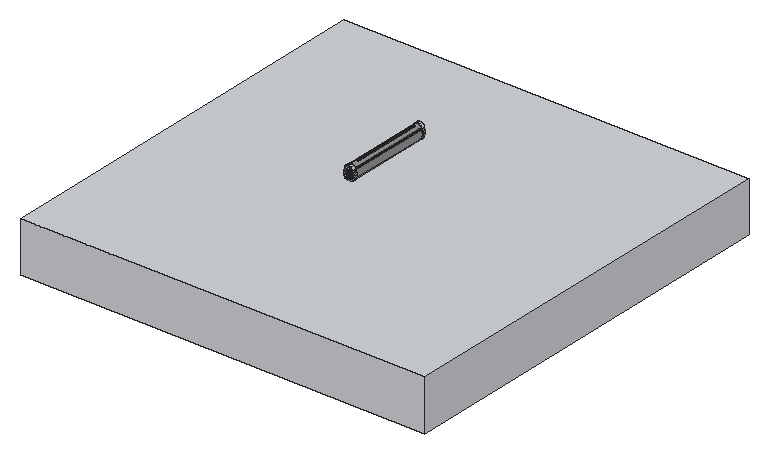
Revit family "L-trade II_body", category Обобщенные модели, Revit 2017
Family settings
  Основа = Грань
  Может служить основой для арматурных стержней = Нет
  Размер круглого соединителя = Использовать диаметр
  Тип детали = Нормальный
  При загрузке вырезать с полостями = Нет
  Общий = Нет
  Точка расчета площади = Нет
Parameters
  Тип торцевой крышки = Trade II Easy Lock : Trade II Easy Lock
  Расстояние от светильника до плоскости = Расстояние от низа светильника до плоскости + 80 mm  # 300 mm
  Расстояние от низа светильника до плоскости = 220 mm
  Default Elevation = 1219.2 mm
  Начало выдавливания = Длина профиля / 2 * (-1)  # -250 mm
  Конец выдавливания = Длина профиля / 2  # 250 mm
  Длина профиля = 500 mm
Reference planes
  plane 1 "По центру (Вперед/Назад)": y = 0
  plane 2: z = 0
  plane 3 "По центру (Влево/Вправо)": x = 0
  plane 4 "Плоскость расположения светильника": z = 220
Forms (mm)
  Extrusion 1, solid
    sketch origin (0, 0, 0) x (1, 0, 0) y (0, 1, 0)
      loop
        line (-1219.2, 1219.2) -> (-1219.2, -1219.2) -> (1219.2, -1219.2) -> (1219.2, 1219.2) -> (-1219.2, 1219.2)
    from 0 to -304.8
  Extrusion 2, solid
    sketch origin (0, 0, 220) x (0, -1, 0) y (1, 0, 0)
      loop
        line (-250, 2.572) -> (250, 2.572) -> (250, 4.625) -> (-250, 4.625) -> (-250, 2.572)
      loop
        line (-250, -2.572) -> (-250, -4.625) -> (250, -4.625) -> (250, -2.572) -> (-250, -2.572)
    from 0 to 1
  Extrusion 3, solid, material "Алюминий"
    sketch origin (2.572, 250, 220) x (1, 0, 0) y (0, 0, -1)
      loop
        line (0, 0) -> (0, -1) -> (2.053, -1) -> (2.053, -5.456) -> (-7.22, -5.456) -> (-7.22, -1) -> (-5.167, -1) -> (-5.167, 0) -> (-24.178, 0)
        arc (-24.178, 0) -> (-25.879, -0.705) -> (-26.584, -2.406) r 2.406
        line (-26.584, -2.406) -> (-26.584, -49.1) -> (-25.649, -49.44)
        arc (-25.649, -49.44) -> (-23.028, -49.877) -> (-25.445, -50.98) r 1.389
        line (-25.445, -50.98) -> (-26.328, -52.227)
        arc (-26.328, -52.227) -> (-26.691, -53.532) -> (-26.141, -54.771) r 2.006
        arc (-26.141, -54.771) -> (-25.856, -55.083) -> (-25.784, -55.5) r 0.757
        line (-25.784, -55.5) -> (-24.819, -55.5) -> (-24.819, -54.659) -> (-25.392, -54.087)
        arc (-25.392, -54.087) -> (-25.392, -52.684) -> (-23.989, -52.684) r 0.992
        arc (-23.989, -52.684) -> (-23.667, -52.931) -> (-23.291, -53.087) r 1.556
        line (-23.291, -53.087) -> (-20.921, -53.087)
        arc (-20.921, -53.087) -> (-19.442, -54.004) -> (-21.11, -54.5) r 0.954
        line (-21.11, -54.5) -> (-22.398, -54.5) -> (-22.398, -55.5) -> (-21.597, -55.5)
        arc (-21.597, -55.5) -> (-20.387, -55.901) -> (-19.178, -55.5) r 2.024
        line (-19.178, -55.5) -> (-7.048, -55.5) -> (-7.048, -54.5) -> (-8.078, -54.5) -> (-8.078, -53.3) -> (2.911, -53.3) -> (2.911, -54.5) -> (1.881, -54.5) -> (1.881, -55.5) -> (14.011, -55.5)
        arc (14.011, -55.5) -> (15.22, -55.901) -> (16.43, -55.5) r 2.024
        line (16.43, -55.5) -> (17.231, -55.5) -> (17.231, -54.5) -> (15.943, -54.5)
        arc (15.943, -54.5) -> (14.275, -54.004) -> (15.753, -53.087) r 0.954
        line (15.753, -53.087) -> (18.124, -53.087)
        arc (18.124, -53.087) -> (18.499, -52.931) -> (18.822, -52.684) r 1.556
        arc (18.822, -52.684) -> (20.225, -52.684) -> (20.225, -54.087) r 0.992
        line (20.225, -54.087) -> (19.652, -54.659) -> (19.652, -55.5) -> (20.616, -55.5)
        arc (20.616, -55.5) -> (20.689, -55.083) -> (20.974, -54.771) r 0.757
        arc (20.974, -54.771) -> (21.524, -53.532) -> (21.16, -52.227) r 2.006
        line (21.16, -52.227) -> (20.278, -50.98)
        arc (20.278, -50.98) -> (17.861, -49.877) -> (20.482, -49.44) r 1.389
        line (20.482, -49.44) -> (21.416, -49.1) -> (21.416, -2.406)
        arc (21.416, -2.406) -> (20.712, -0.705) -> (19.011, 0) r 2.406
        line (19.011, 0) -> (0, 0)
      loop
        line (3.047, -1) -> (3.047, -6.427) -> (-8.214, -6.427) -> (-8.214, -1) -> (-24.179, -1)
        arc (-24.179, -1) -> (-25.172, -1.411) -> (-25.584, -2.405) r 1.405
        line (-25.584, -2.405) -> (-25.584, -47.897)
        arc (-25.584, -47.897) -> (-22.31, -48.767) -> (-23.002, -52.082) r 2.462
        line (-23.002, -52.082) -> (-21.321, -52.082)
        arc (-21.321, -52.082) -> (-19.081, -52.332) -> (-18.462, -54.5) r 2.024
        line (-18.462, -54.5) -> (-9.071, -54.5) -> (-9.071, -52.279) -> (3.904, -52.279) -> (3.904, -54.5) -> (13.294, -54.5)
        arc (13.294, -54.5) -> (13.913, -52.332) -> (16.154, -52.082) r 2.024
        line (16.154, -52.082) -> (17.835, -52.082)
        arc (17.835, -52.082) -> (17.143, -48.767) -> (20.416, -47.897) r 2.462
        line (20.416, -47.897) -> (20.416, -2.405)
        arc (20.416, -2.405) -> (20.005, -1.411) -> (19.012, -1) r 1.405
        line (19.012, -1) -> (3.047, -1)
    from 0 to -500
  Extrusion 4, solid, material "Стекло, прозрачное остекление"
    sketch origin (2.572, 250, 220) x (1, 0, 0) y (0, 0, -1)
      loop
        arc (-2.584, -76.283) -> (-17.306, -70.185) -> (-23.404, -55.463) r 20.82
        line (-23.404, -55.463) -> (-23.404, -54.359) -> (-20.965, -54.359) -> (-20.965, -53.222) -> (-24.684, -53.222) -> (-24.684, -55.463)
        arc (-24.684, -55.463) -> (-18.211, -71.09) -> (-2.584, -77.563) r 22.1
        arc (-2.584, -77.563) -> (13.043, -71.09) -> (19.516, -55.463) r 22.1
        line (19.516, -55.463) -> (19.516, -53.222) -> (15.798, -53.222) -> (15.798, -54.359) -> (18.236, -54.359) -> (18.236, -55.463)
        arc (18.236, -55.463) -> (12.138, -70.185) -> (-2.584, -76.283) r 20.82
    from 0 to -500
Dimensions and locks
  "Расстояние от низа светильника до плоскости": plane 4 "Плоскость расположения светильника" to Extrusion 1
  aligned and locked: plane 2 to Extrusion 1
  aligned and locked: level to Extrusion 1
Automatic sketch dimensions
  Extrusion 1 sketch curve to Extrusion 1 sketch curve = 2438.4 mm  (x2)
  Extrusion 2 sketch curve to plane 3 "По центру (Влево/Вправо)" = 2.572 mm
  Extrusion 2 sketch curve to plane 1 "По центру (Вперед/Назад)" = 250 mm
  plane 1 "По центру (Вперед/Назад)" to Extrusion 2 sketch curve = 250 mm
  plane 3 "По центру (Влево/Вправо)" to Extrusion 2 sketch curve = 2.572 mm
  Extrusion 2 sketch curve to Extrusion 2 sketch curve = 0 mm  (x2)
  Extrusion 2 sketch curve to Extrusion 2 sketch curve = 2.053 mm  (x2)
  Extrusion 3 sketch curve to Extrusion 3 sketch curve = 0 mm  (x25)
  Extrusion 2 to Extrusion 3 sketch curve = 0 mm  (x2)
  Extrusion 2 to Extrusion 3 sketch curve = 5.167 mm
  Extrusion 2 to Extrusion 3 sketch curve = 7.048 mm
  Extrusion 3 sketch curve to Extrusion 3 sketch curve = 2.053 mm
  Extrusion 3 sketch curve to Extrusion 3 sketch curve = 1.03 mm
  Extrusion 3 sketch curve to Extrusion 3 sketch curve = 0.993 mm  (x3)
  Extrusion 3 sketch curve to Extrusion 3 sketch curve = 9.39 mm  (x2)
  Extrusion 3 sketch curve to Extrusion 3 sketch curve = 0.716 mm  (x2)
  Extrusion 3 sketch curve to Extrusion 3 sketch curve = 1.21 mm  (x2)
  Extrusion 3 sketch curve to Extrusion 3 sketch curve = 0.533 mm  (x2)
  Extrusion 3 sketch curve to Extrusion 3 sketch curve = 0.723 mm  (x2)
  Extrusion 3 sketch curve to Extrusion 3 sketch curve = 0.401 mm  (x2)
  Extrusion 3 sketch curve to Extrusion 3 sketch curve = 0.487 mm  (x2)
  Extrusion 3 sketch curve to Extrusion 3 sketch curve = 0.801 mm  (x2)
  Extrusion 3 sketch curve to Extrusion 3 sketch curve = 1.567 mm  (x2)
  Extrusion 3 sketch curve to Extrusion 3 sketch curve = 0.114 mm  (x2)
  Extrusion 3 sketch curve to Extrusion 3 sketch curve = 0.289 mm  (x2)
  Extrusion 3 sketch curve to Extrusion 3 sketch curve = 15.964 mm  (x2)
  Extrusion 3 sketch curve to Extrusion 3 sketch curve = 0.001 mm  (x4)
  Extrusion 3 sketch curve to Extrusion 3 sketch curve = 1.517 mm  (x2)
  Extrusion 3 sketch curve to Extrusion 3 sketch curve = 1.399 mm  (x2)
  Extrusion 3 sketch curve to Extrusion 3 sketch curve = 0.129 mm  (x2)
  Extrusion 3 sketch curve to Extrusion 3 sketch curve = 0.573 mm  (x4)
  Extrusion 3 sketch curve to Extrusion 3 sketch curve = 1.04 mm  (x2)
  Extrusion 3 sketch curve to Extrusion 3 sketch curve = 1.178 mm
  Extrusion 3 sketch curve to Extrusion 3 sketch curve = 1.244 mm  (x2)
  Extrusion 3 sketch curve to Extrusion 3 sketch curve = 0.964 mm  (x2)
  Extrusion 3 sketch curve to Extrusion 3 sketch curve = 0.882 mm  (x2)
  Extrusion 3 sketch curve to Extrusion 3 sketch curve = 0.753 mm  (x2)
  Extrusion 3 sketch curve to Extrusion 3 sketch curve = 1 mm  (x8)
  Extrusion 2 to Extrusion 3 sketch curve = 0.172 mm
  Extrusion 3 sketch curve to Extrusion 2 = 0.858 mm
  Extrusion 3 sketch curve to Extrusion 2 = 0.993 mm
  Extrusion 3 sketch curve to Extrusion 3 sketch curve = 1.405 mm
  Extrusion 3 sketch curve to Extrusion 2 = 54.5 mm
  Extrusion 3 sketch curve to Extrusion 3 sketch curve = 0.083 mm  (x2)
  Extrusion 3 sketch curve to Extrusion 3 sketch curve = 0.841 mm  (x2)
  Extrusion 3 sketch curve to Extrusion 3 sketch curve = 0.623 mm  (x2)
  Extrusion 3 sketch curve to Extrusion 3 sketch curve = 0.702 mm  (x2)
  Extrusion 3 sketch curve to Extrusion 3 sketch curve = 1.2 mm
  Extrusion 3 sketch curve to Extrusion 3 sketch curve = 1.021 mm
  Extrusion 3 sketch curve to Extrusion 3 sketch curve = 1.159 mm  (x2)
  Extrusion 3 sketch curve to Extrusion 3 sketch curve = 0.498 mm
  Extrusion 3 sketch curve to Extrusion 3 sketch curve = 1.247 mm  (x2)
  Extrusion 3 sketch curve to Extrusion 3 sketch curve = 0.921 mm  (x2)
  Extrusion 3 sketch curve to Extrusion 3 sketch curve = 0.34 mm  (x2)
  Extrusion 3 sketch curve to Extrusion 2 = 5.427 mm
  Extrusion 3 sketch curve to Extrusion 3 sketch curve = 0.971 mm
  Extrusion 3 sketch curve to Extrusion 2 = 1.406 mm  (x2)
  Extrusion 3 sketch curve to Extrusion 3 sketch curve = 0.698 mm
  Extrusion 4 sketch curve to Extrusion 4 sketch curve = 0 mm  (x12)
  Extrusion 4 sketch curve to Extrusion 3 = 0.943 mm  (x2)
  Extrusion 3 to Extrusion 4 sketch curve = 0.136 mm
  Extrusion 3 to Extrusion 4 sketch curve = 1.059 mm  (x2)
  Extrusion 3 to Extrusion 4 sketch curve = 1.006 mm
  Extrusion 4 sketch curve to Extrusion 3 = 1.433 mm  (x2)
  Extrusion 4 sketch curve to Extrusion 3 = 0.963 mm
  Extrusion 3 to Extrusion 4 sketch curve = 2.584 mm
Nested families
  nested 1: "Trade II Easy Lock" at (0.005, 0, 0), type <- "Тип торцевой крышки", type "Trade II Easy Lock"
    with Расстояние от светильника до плоскости 300 mm, Расстояние до плоскости 228 mm
  nested 2: "Trade II Easy Lock" at (0, 0, 0), type <- "Тип торцевой крышки", type "Trade II Easy Lock"
    with Расстояние от светильника до плоскости 300 mm, Расстояние до плоскости 228 mm
Definition of nested family "Trade II Easy Lock"
  Parameters (values of type "Trade II Easy Lock")
    Расстояние от светильника до плоскости = Расстояние до плоскости + 72 mm  # 422 mm
    Расстояние до плоскости = 350 mm
    Default Elevation = 1219.2 mm
    Начало профиля = 249.976 mm
    Конец профиля = 250.024 mm
  Reference planes
    plane 1 "По центру (Вперед/Назад)": y = 0
    plane 2: z = 0
    plane 3 "По центру (Влево/Вправо)": x = 0
    plane 4 "Плоскость низа светильника": z = 350
  Forms (mm)
    Extrusion 1, solid
      sketch origin (0, 0, 0) x (1, 0, 0) y (0, 1, 0)
        loop
          line (-1219.2, 1219.2) -> (-1219.2, -1219.2) -> (1219.2, -1219.2) -> (1219.2, 1219.2) -> (-1219.2, 1219.2)
      from 0 to -304.8
    Extrusion 2, solid
      sketch origin (0, -398.223, 350) x (0, -1, 0) y (1, 0, 0)
        loop
          line (-148.236, -5.649) -> (-130.236, -5.649) -> (-130.236, 5.625) -> (-148.236, 5.625) -> (-148.236, -5.649)
        loop
          line (-648.236, 5.625) -> (-666.236, 5.625) -> (-666.236, -5.649) -> (-648.236, -5.649) -> (-648.236, 5.625)
      from 0 to -2
    Extrusion 3, solid
      sketch origin (5.625, 268.013, 350) x (-1, 0, 0) y (0, 0, 1)
        loop
          arc (28.697, 49.657) -> (21.525, 65.194) -> (5.63, 71.533) r 23.1
          arc (5.63, 71.533) -> (-10.266, 65.194) -> (-17.438, 49.657) r 23.1
          arc (-17.438, 49.657) -> (-19.62, 45.831) -> (-19.639, 41.427) r 8.666
          arc (-19.639, 41.427) -> (-19.083, 38.06) -> (-21.255, 35.429) r 4.12
          line (-21.255, 35.429) -> (-24.425, 33.883)
          arc (-24.425, 33.883) -> (-25.811, 32.581) -> (-26.322, 30.75) r 3.536
          line (-26.322, 30.75) -> (-26.322, 22.479) -> (-26.322, 14.208)
          arc (-26.322, 14.208) -> (-25.811, 12.377) -> (-24.425, 11.075) r 3.536
          line (-24.425, 11.075) -> (-21.249, 9.534)
          arc (-21.249, 9.534) -> (-19.072, 6.893) -> (-19.641, 3.519) r 4.12
          arc (-19.641, 3.519) -> (-20.809, -0.574) -> (-19.361, -4.575) r 6.919
          arc (-19.361, -4.575) -> (-18.366, -6.977) -> (-15.964, -7.972) r 3.397
          line (-15.964, -7.972) -> (0.973, -7.972)
          arc (0.973, -7.972) -> (1.694, -7.673) -> (1.993, -6.952) r 1.02
          line (1.993, -6.952) -> (1.993, -2) -> (-0.007, -2) -> (-0.007, -5.972) -> (-15.964, -5.972)
          arc (-15.964, -5.972) -> (-16.714, -5.754) -> (-17.229, -5.168) r 1.397
          arc (-17.229, -5.168) -> (-17.414, -4.504) -> (-17.37, -3.815) r 2.071
          arc (-17.37, -3.815) -> (-18.79, -0.816) -> (-17.982, 2.402) r 4.919
          arc (-17.982, 2.402) -> (-17.141, 7.413) -> (-20.375, 11.333) r 6.12
          line (-20.375, 11.333) -> (-23.519, 12.859)
          arc (-23.519, 12.859) -> (-24.106, 13.423) -> (-24.322, 14.208) r 1.536
          line (-24.322, 14.208) -> (-24.322, 22.479) -> (-24.322, 30.75)
          arc (-24.322, 30.75) -> (-24.106, 31.536) -> (-23.518, 32.1) r 1.536
          line (-23.518, 32.1) -> (-20.378, 33.631)
          arc (-20.378, 33.631) -> (-17.207, 37.349) -> (-17.768, 42.204) r 6.12
          arc (-17.768, 42.204) -> (-17.537, 45.801) -> (-15.468, 48.752) r 6.666
          arc (-15.468, 48.752) -> (-9.177, 63.465) -> (5.63, 69.533) r 21.1
          arc (5.63, 69.533) -> (20.437, 63.465) -> (26.728, 48.752) r 21.1
          arc (26.728, 48.752) -> (28.797, 45.801) -> (29.028, 42.204) r 6.666
          arc (29.028, 42.204) -> (28.466, 37.349) -> (31.638, 33.631) r 6.12
          line (31.638, 33.631) -> (34.778, 32.1)
          arc (34.778, 32.1) -> (35.366, 31.536) -> (35.582, 30.75) r 1.536
          line (35.582, 30.75) -> (35.582, 22.479) -> (35.582, 14.208)
          arc (35.582, 14.208) -> (35.366, 13.423) -> (34.779, 12.859) r 1.536
          line (34.779, 12.859) -> (31.635, 11.333)
          arc (31.635, 11.333) -> (28.401, 7.413) -> (29.242, 2.402) r 6.12
          arc (29.242, 2.402) -> (30.05, -0.816) -> (28.63, -3.815) r 4.919
          arc (28.63, -3.815) -> (28.674, -4.504) -> (28.489, -5.168) r 2.071
          arc (28.489, -5.168) -> (27.974, -5.754) -> (27.224, -5.972) r 1.397
          line (27.224, -5.972) -> (11.267, -5.972) -> (11.267, -2) -> (9.267, -2) -> (9.267, -6.952)
          arc (9.267, -6.952) -> (9.566, -7.673) -> (10.287, -7.972) r 1.02
          line (10.287, -7.972) -> (27.224, -7.972)
          arc (27.224, -7.972) -> (29.626, -6.977) -> (30.621, -4.575) r 3.397
          arc (30.621, -4.575) -> (32.069, -0.574) -> (30.901, 3.519) r 6.919
          arc (30.901, 3.519) -> (30.332, 6.893) -> (32.509, 9.534) r 4.12
          line (32.509, 9.534) -> (35.685, 11.075)
          arc (35.685, 11.075) -> (37.071, 12.377) -> (37.582, 14.208) r 3.536
          line (37.582, 14.208) -> (37.582, 22.479) -> (37.582, 30.75)
          arc (37.582, 30.75) -> (37.071, 32.581) -> (35.685, 33.883) r 3.536
          line (35.685, 33.883) -> (32.515, 35.429)
          arc (32.515, 35.429) -> (30.343, 38.06) -> (30.899, 41.427) r 4.12
          arc (30.899, 41.427) -> (30.88, 45.831) -> (28.697, 49.657) r 8.666
      from 0 to -18
    Extrusion 4, solid
      sketch origin (5.625, 250.013, 350) x (1, 0, 0) y (0, 0, 1)
        loop
          line (15.644, 22.479) -> (15.644, 27.454)
          arc (15.644, 27.454) -> (15.416, 28.602) -> (14.765, 29.576) r 3
          line (14.765, 29.576) -> (8.99, 35.35)
          arc (8.99, 35.35) -> (8.017, 36.001) -> (6.869, 36.229) r 3
          line (6.869, 36.229) -> (0.949, 36.229)
          arc (0.949, 36.229) -> (-1.526, 35.204) -> (-2.551, 32.729) r 3.5
          line (-2.551, 32.729) -> (-2.551, 22.479) -> (-2.551, 12.229)
          arc (-2.551, 12.229) -> (-1.526, 9.754) -> (0.949, 8.729) r 3.5
          line (0.949, 8.729) -> (6.869, 8.729)
          arc (6.869, 8.729) -> (8.017, 8.957) -> (8.99, 9.608) r 3
          line (8.99, 9.608) -> (14.765, 15.382)
          arc (14.765, 15.382) -> (15.416, 16.356) -> (15.644, 17.504) r 3
          line (15.644, 17.504) -> (15.644, 22.479)
        loop
          line (7.445, 30.435) -> (0.889, 30.435) -> (0.889, 27.559) -> (7.445, 27.559) -> (7.445, 30.435)
        loop
          line (7.445, 14.523) -> (7.445, 17.399) -> (0.889, 17.399) -> (0.889, 14.523) -> (7.445, 14.523)
        loop
          line (12.774, 21.041) -> (12.774, 23.917) -> (6.218, 23.917) -> (6.218, 21.041) -> (12.774, 21.041)
        loop
          line (-26.918, 22.479) -> (-26.918, 17.504)
          arc (-26.918, 17.504) -> (-26.689, 16.356) -> (-26.039, 15.382) r 3
          line (-26.039, 15.382) -> (-20.264, 9.608)
          arc (-20.264, 9.608) -> (-19.291, 8.957) -> (-18.143, 8.729) r 3
          line (-18.143, 8.729) -> (-12.223, 8.729)
          arc (-12.223, 8.729) -> (-9.748, 9.754) -> (-8.723, 12.229) r 3.5
          line (-8.723, 12.229) -> (-8.723, 22.479) -> (-8.723, 32.729)
          arc (-8.723, 32.729) -> (-9.748, 35.204) -> (-12.223, 36.229) r 3.5
          line (-12.223, 36.229) -> (-18.143, 36.229)
          arc (-18.143, 36.229) -> (-19.291, 36.001) -> (-20.264, 35.35) r 3
          line (-20.264, 35.35) -> (-26.039, 29.576)
          arc (-26.039, 29.576) -> (-26.689, 28.602) -> (-26.918, 27.454) r 3
          line (-26.918, 27.454) -> (-26.918, 22.479)
        loop
          line (-18.719, 30.435) -> (-18.719, 27.559) -> (-12.163, 27.559) -> (-12.163, 30.435) -> (-18.719, 30.435)
        loop
          line (-18.719, 14.523) -> (-12.163, 14.523) -> (-12.163, 17.399) -> (-18.719, 17.399) -> (-18.719, 14.523)
        loop
          line (-24.048, 21.041) -> (-17.491, 21.041) -> (-17.491, 23.917) -> (-24.048, 23.917) -> (-24.048, 21.041)
      from -1 to -15
    Extrusion 5, solid
      sketch origin (5.625, 250.013, 350) x (1, 0, 0) y (0, 0, 1)
        loop
          arc (15.461, 48.752) -> (9.17, 63.465) -> (-5.637, 69.533) r 21.1
          arc (-5.637, 69.533) -> (-20.444, 63.465) -> (-26.734, 48.752) r 21.1
          arc (-26.734, 48.752) -> (-28.804, 45.801) -> (-29.035, 42.204) r 6.666
          arc (-29.035, 42.204) -> (-28.473, 37.349) -> (-31.645, 33.631) r 6.12
          line (-31.645, 33.631) -> (-34.785, 32.1)
          arc (-34.785, 32.1) -> (-35.373, 31.536) -> (-35.589, 30.75) r 1.536
          line (-35.589, 30.75) -> (-35.589, 22.479) -> (-35.589, 14.208)
          arc (-35.589, 14.208) -> (-35.373, 13.423) -> (-34.786, 12.859) r 1.536
          line (-34.786, 12.859) -> (-31.642, 11.333)
          arc (-31.642, 11.333) -> (-28.408, 7.413) -> (-29.249, 2.402) r 6.12
          arc (-29.249, 2.402) -> (-30.057, -0.816) -> (-28.637, -3.815) r 4.919
          arc (-28.637, -3.815) -> (-28.681, -4.504) -> (-28.496, -5.168) r 2.071
          arc (-28.496, -5.168) -> (-27.981, -5.754) -> (-27.231, -5.972) r 1.397
          line (-27.231, -5.972) -> (-11.274, -5.972) -> (-11.274, 0) -> (-5.637, 0) -> (0, 0) -> (0, -5.972) -> (15.957, -5.972)
          arc (15.957, -5.972) -> (16.707, -5.754) -> (17.222, -5.168) r 1.397
          arc (17.222, -5.168) -> (17.407, -4.504) -> (17.363, -3.815) r 2.071
          arc (17.363, -3.815) -> (18.783, -0.816) -> (17.975, 2.402) r 4.919
          arc (17.975, 2.402) -> (17.134, 7.413) -> (20.368, 11.333) r 6.12
          line (20.368, 11.333) -> (23.512, 12.859)
          arc (23.512, 12.859) -> (24.099, 13.423) -> (24.315, 14.208) r 1.536
          line (24.315, 14.208) -> (24.315, 22.479) -> (24.315, 30.75)
          arc (24.315, 30.75) -> (24.099, 31.536) -> (23.511, 32.1) r 1.536
          line (23.511, 32.1) -> (20.371, 33.631)
          arc (20.371, 33.631) -> (17.2, 37.349) -> (17.761, 42.204) r 6.12
          arc (17.761, 42.204) -> (17.53, 45.801) -> (15.461, 48.752) r 6.666
      from 0 to -1
    Extrusion 6, solid
      sketch origin (-5.649, -267.987, 350) x (1, 0, 0) y (0, 0, 1)
        loop
          arc (-17.424, 49.657) -> (-19.606, 45.831) -> (-19.625, 41.427) r 8.666
          arc (-19.625, 41.427) -> (-19.069, 38.06) -> (-21.241, 35.429) r 4.12
          line (-21.241, 35.429) -> (-24.411, 33.883)
          arc (-24.411, 33.883) -> (-25.797, 32.581) -> (-26.308, 30.75) r 3.536
          line (-26.308, 30.75) -> (-26.308, 22.479) -> (-26.308, 14.208)
          arc (-26.308, 14.208) -> (-25.797, 12.377) -> (-24.411, 11.075) r 3.536
          line (-24.411, 11.075) -> (-21.236, 9.534)
          arc (-21.236, 9.534) -> (-19.059, 6.893) -> (-19.627, 3.519) r 4.12
          arc (-19.627, 3.519) -> (-20.796, -0.574) -> (-19.347, -4.575) r 6.919
          arc (-19.347, -4.575) -> (-18.352, -6.977) -> (-15.951, -7.972) r 3.397
          line (-15.951, -7.972) -> (0.987, -7.972)
          arc (0.987, -7.972) -> (1.708, -7.673) -> (2.007, -6.952) r 1.02
          line (2.007, -6.952) -> (2.007, -2) -> (0.007, -2) -> (0.007, -5.972) -> (-15.951, -5.972)
          arc (-15.951, -5.972) -> (-16.7, -5.754) -> (-17.215, -5.168) r 1.397
          arc (-17.215, -5.168) -> (-17.4, -4.504) -> (-17.356, -3.815) r 2.071
          arc (-17.356, -3.815) -> (-18.776, -0.816) -> (-17.968, 2.402) r 4.919
          arc (-17.968, 2.402) -> (-17.127, 7.413) -> (-20.361, 11.333) r 6.12
          line (-20.361, 11.333) -> (-23.505, 12.859)
          arc (-23.505, 12.859) -> (-24.092, 13.423) -> (-24.308, 14.208) r 1.536
          line (-24.308, 14.208) -> (-24.308, 22.479) -> (-24.308, 30.75)
          arc (-24.308, 30.75) -> (-24.092, 31.536) -> (-23.504, 32.1) r 1.536
          line (-23.504, 32.1) -> (-20.364, 33.631)
          arc (-20.364, 33.631) -> (-17.193, 37.349) -> (-17.754, 42.204) r 6.12
          arc (-17.754, 42.204) -> (-17.523, 45.801) -> (-15.454, 48.752) r 6.666
          arc (-15.454, 48.752) -> (-9.163, 63.465) -> (5.644, 69.533) r 21.1
          arc (5.644, 69.533) -> (20.451, 63.465) -> (26.741, 48.752) r 21.1
          arc (26.741, 48.752) -> (28.811, 45.801) -> (29.042, 42.204) r 6.666
          arc (29.042, 42.204) -> (28.48, 37.349) -> (31.652, 33.631) r 6.12
          line (31.652, 33.631) -> (34.792, 32.1)
          arc (34.792, 32.1) -> (35.38, 31.536) -> (35.596, 30.75) r 1.536
          line (35.596, 30.75) -> (35.596, 22.479) -> (35.596, 14.208)
          arc (35.596, 14.208) -> (35.38, 13.423) -> (34.793, 12.859) r 1.536
          line (34.793, 12.859) -> (31.649, 11.333)
          arc (31.649, 11.333) -> (28.415, 7.413) -> (29.256, 2.402) r 6.12
          arc (29.256, 2.402) -> (30.064, -0.816) -> (28.644, -3.815) r 4.919
          arc (28.644, -3.815) -> (28.688, -4.504) -> (28.503, -5.168) r 2.071
          arc (28.503, -5.168) -> (27.988, -5.754) -> (27.238, -5.972) r 1.397
          line (27.238, -5.972) -> (11.281, -5.972) -> (11.281, -2) -> (9.281, -2) -> (9.281, -6.952)
          arc (9.281, -6.952) -> (9.579, -7.673) -> (10.301, -7.972) r 1.02
          line (10.301, -7.972) -> (27.238, -7.972)
          arc (27.238, -7.972) -> (29.64, -6.977) -> (30.635, -4.575) r 3.397
          arc (30.635, -4.575) -> (32.083, -0.574) -> (30.915, 3.519) r 6.919
          arc (30.915, 3.519) -> (30.346, 6.893) -> (32.523, 9.534) r 4.12
          line (32.523, 9.534) -> (35.699, 11.075)
          arc (35.699, 11.075) -> (37.085, 12.377) -> (37.596, 14.208) r 3.536
          line (37.596, 14.208) -> (37.596, 22.479) -> (37.596, 30.75)
          arc (37.596, 30.75) -> (37.085, 32.581) -> (35.699, 33.883) r 3.536
          line (35.699, 33.883) -> (32.529, 35.429)
          arc (32.529, 35.429) -> (30.357, 38.06) -> (30.913, 41.427) r 4.12
          arc (30.913, 41.427) -> (30.894, 45.831) -> (28.711, 49.657) r 8.666
          arc (28.711, 49.657) -> (21.539, 65.194) -> (5.644, 71.533) r 23.1
          arc (5.644, 71.533) -> (-10.252, 65.194) -> (-17.424, 49.657) r 23.1
      from 0 to -18
    Extrusion 7, solid
      sketch origin (-5.649, -249.987, 350) x (1, 0, 0) y (0, 0, -1)
        loop
          line (11.281, 5.972) -> (11.274, 2) -> (11.274, 0) -> (0, 0) -> (0.007, 2) -> (0.007, 5.972) -> (-15.951, 5.972)
          arc (-15.951, 5.972) -> (-16.7, 5.754) -> (-17.215, 5.168) r 1.397
          arc (-17.215, 5.168) -> (-17.4, 4.504) -> (-17.356, 3.815) r 2.071
          arc (-17.356, 3.815) -> (-18.776, 0.816) -> (-17.968, -2.402) r 4.919
          arc (-17.968, -2.402) -> (-17.127, -7.413) -> (-20.361, -11.333) r 6.12
          line (-20.361, -11.333) -> (-23.505, -12.859)
          arc (-23.505, -12.859) -> (-24.092, -13.423) -> (-24.308, -14.208) r 1.536
          line (-24.308, -14.208) -> (-24.308, -22.479) -> (-24.308, -30.75)
          arc (-24.308, -30.75) -> (-24.092, -31.536) -> (-23.504, -32.1) r 1.536
          line (-23.504, -32.1) -> (-20.364, -33.631)
          arc (-20.364, -33.631) -> (-17.193, -37.349) -> (-17.754, -42.204) r 6.12
          arc (-17.754, -42.204) -> (-17.523, -45.801) -> (-15.454, -48.752) r 6.666
          arc (-15.454, -48.752) -> (-9.163, -63.465) -> (5.644, -69.533) r 21.1
          arc (5.644, -69.533) -> (20.451, -63.465) -> (26.741, -48.752) r 21.1
          arc (26.741, -48.752) -> (28.811, -45.801) -> (29.042, -42.204) r 6.666
          arc (29.042, -42.204) -> (28.48, -37.349) -> (31.652, -33.631) r 6.12
          line (31.652, -33.631) -> (34.792, -32.1)
          arc (34.792, -32.1) -> (35.38, -31.536) -> (35.596, -30.75) r 1.536
          line (35.596, -30.75) -> (35.596, -22.479) -> (35.596, -14.208)
          arc (35.596, -14.208) -> (35.38, -13.423) -> (34.793, -12.859) r 1.536
          line (34.793, -12.859) -> (31.649, -11.333)
          arc (31.649, -11.333) -> (28.415, -7.413) -> (29.256, -2.402) r 6.12
          arc (29.256, -2.402) -> (30.064, 0.816) -> (28.644, 3.815) r 4.919
          arc (28.644, 3.815) -> (28.688, 4.504) -> (28.503, 5.168) r 2.071
          arc (28.503, 5.168) -> (27.988, 5.754) -> (27.238, 5.972) r 1.397
          line (27.238, 5.972) -> (11.281, 5.972)
      from 0 to -1
    Extrusion 8, solid
      sketch origin (-5.649, -267.987, 350) x (1, 0, 0) y (0, 0, 1)
        loop
          line (-15.644, 22.479) -> (-15.644, 17.504)
          arc (-15.644, 17.504) -> (-15.416, 16.356) -> (-14.765, 15.382) r 3
          line (-14.765, 15.382) -> (-8.99, 9.608)
          arc (-8.99, 9.608) -> (-8.017, 8.957) -> (-6.869, 8.729) r 3
          line (-6.869, 8.729) -> (-0.949, 8.729)
          arc (-0.949, 8.729) -> (1.526, 9.754) -> (2.551, 12.229) r 3.5
          line (2.551, 12.229) -> (2.551, 22.479) -> (2.551, 32.729)
          arc (2.551, 32.729) -> (1.526, 35.204) -> (-0.949, 36.229) r 3.5
          line (-0.949, 36.229) -> (-6.869, 36.229)
          arc (-6.869, 36.229) -> (-8.017, 36.001) -> (-8.99, 35.35) r 3
          line (-8.99, 35.35) -> (-14.765, 29.576)
          arc (-14.765, 29.576) -> (-15.416, 28.602) -> (-15.644, 27.454) r 3
          line (-15.644, 27.454) -> (-15.644, 22.479)
        loop
          arc (-6.778, 34.029) -> (-7.168, 33.951) -> (-7.499, 33.73) r 1.021
          line (-7.499, 33.73) -> (-13.103, 28.126)
          arc (-13.103, 28.126) -> (-13.355, 27.749) -> (-13.444, 27.304) r 1.162
          line (-13.444, 27.304) -> (-13.444, 22.479) -> (-13.444, 17.654)
          arc (-13.444, 17.654) -> (-13.355, 17.209) -> (-13.103, 16.832) r 1.162
          line (-13.103, 16.832) -> (-7.499, 11.228)
          arc (-7.499, 11.228) -> (-7.168, 11.007) -> (-6.778, 10.929) r 1.021
          line (-6.778, 10.929) -> (-0.949, 10.929)
          arc (-0.949, 10.929) -> (-0.03, 11.31) -> (0.351, 12.229) r 1.3
          line (0.351, 12.229) -> (0.351, 22.479) -> (0.351, 32.729)
          arc (0.351, 32.729) -> (-0.03, 33.648) -> (-0.949, 34.029) r 1.3
          line (-0.949, 34.029) -> (-6.778, 34.029)
        loop
          line (26.918, 22.479) -> (26.918, 27.454)
          arc (26.918, 27.454) -> (26.689, 28.602) -> (26.039, 29.576) r 3
          line (26.039, 29.576) -> (20.264, 35.35)
          arc (20.264, 35.35) -> (19.291, 36.001) -> (18.143, 36.229) r 3
          line (18.143, 36.229) -> (12.223, 36.229)
          arc (12.223, 36.229) -> (9.748, 35.204) -> (8.723, 32.729) r 3.5
          line (8.723, 32.729) -> (8.723, 22.479) -> (8.723, 12.229)
          arc (8.723, 12.229) -> (9.748, 9.754) -> (12.223, 8.729) r 3.5
          line (12.223, 8.729) -> (18.143, 8.729)
          arc (18.143, 8.729) -> (19.291, 8.957) -> (20.264, 9.608) r 3
          line (20.264, 9.608) -> (26.039, 15.382)
          arc (26.039, 15.382) -> (26.689, 16.356) -> (26.918, 17.504) r 3
          line (26.918, 17.504) -> (26.918, 22.479)
        loop
          line (18.051, 34.029) -> (12.223, 34.029)
          arc (12.223, 34.029) -> (11.303, 33.648) -> (10.923, 32.729) r 1.3
          line (10.923, 32.729) -> (10.923, 22.479) -> (10.923, 12.229)
          arc (10.923, 12.229) -> (11.303, 11.31) -> (12.223, 10.929) r 1.3
          line (12.223, 10.929) -> (18.051, 10.929)
          arc (18.051, 10.929) -> (18.442, 11.007) -> (18.773, 11.228) r 1.021
          line (18.773, 11.228) -> (24.377, 16.832)
          arc (24.377, 16.832) -> (24.629, 17.209) -> (24.718, 17.654) r 1.162
          line (24.718, 17.654) -> (24.718, 22.479) -> (24.718, 27.304)
          arc (24.718, 27.304) -> (24.629, 27.749) -> (24.377, 28.126) r 1.162
          line (24.377, 28.126) -> (18.773, 33.73)
          arc (18.773, 33.73) -> (18.442, 33.951) -> (18.051, 34.029) r 1.021
      from -1 to -15
    Extrusion 9, solid
      sketch origin (-5.649, -267.987, 350) x (1, 0, 0) y (0, 0, 1)
        loop
          line (-11.974, 21.841) -> (-7.018, 21.841) -> (-7.018, 23.117) -> (-11.974, 23.117) -> (-11.974, 21.841)
        loop
          line (-6.645, 16.599) -> (-6.645, 15.323) -> (-1.689, 15.323) -> (-1.689, 16.599) -> (-6.645, 16.599)
        loop
          line (-1.689, 28.359) -> (-1.689, 29.635) -> (-6.645, 29.635) -> (-6.645, 28.359) -> (-1.689, 28.359)
        loop
          line (23.248, 21.841) -> (23.248, 23.117) -> (18.291, 23.117) -> (18.291, 21.841) -> (23.248, 21.841)
        loop
          line (17.919, 16.599) -> (12.963, 16.599) -> (12.963, 15.323) -> (17.919, 15.323) -> (17.919, 16.599)
        loop
          line (12.963, 28.359) -> (17.919, 28.359) -> (17.919, 29.635) -> (12.963, 29.635) -> (12.963, 28.359)
      from -1 to -15
  Dimensions and locks
    "Расстояние до плоскости": plane 4 "Плоскость низа светильника" to Extrusion 1
    aligned and locked: plane 2 to Extrusion 1
    aligned and locked: level to Extrusion 1
  Automatic sketch dimensions
    Extrusion 1 sketch curve to Extrusion 1 sketch curve = 2438.4 mm  (x2)
    plane 3 "По центру (Влево/Вправо)" to Extrusion 2 sketch curve = 5.625 mm  (x2)
    Extrusion 2 sketch curve to plane 1 "По центру (Вперед/Назад)" = 268.013 mm
    Extrusion 2 sketch curve to plane 3 "По центру (Влево/Вправо)" = 5.649 mm  (x2)
    Extrusion 2 sketch curve to Extrusion 2 sketch curve = 18 mm  (x2)
    plane 1 "По центру (Вперед/Назад)" to Extrusion 2 sketch curve = 249.987 mm
    Extrusion 3 sketch curve to Extrusion 3 sketch curve = 0 mm  (x43)
    Extrusion 3 sketch curve to Extrusion 2 = 0 mm  (x2)
    Extrusion 3 sketch curve to Extrusion 2 = 14.208 mm
    Extrusion 2 to Extrusion 3 sketch curve = 26.322 mm
    Extrusion 3 sketch curve to Extrusion 3 sketch curve = 1.897 mm  (x2)
    Extrusion 3 sketch curve to Extrusion 2 = 11.075 mm  (x2)
    Extrusion 3 sketch curve to Extrusion 3 sketch curve = 2 mm  (x2)
    Extrusion 3 sketch curve to Extrusion 2 = 12.859 mm
    Extrusion 3 sketch curve to Extrusion 3 sketch curve = 0.804 mm
    Extrusion 3 sketch curve to Extrusion 3 sketch curve = 1.364 mm
    Extrusion 3 sketch curve to Extrusion 3 sketch curve = 1.372 mm
    Extrusion 3 sketch curve to Extrusion 3 sketch curve = 0.731 mm  (x2)
    Extrusion 3 sketch curve to Extrusion 3 sketch curve = 3.17 mm
    Extrusion 3 sketch curve to Extrusion 2 = 9.534 mm  (x2)
    Extrusion 3 sketch curve to Extrusion 3 sketch curve = 3.176 mm
    Extrusion 3 sketch curve to Extrusion 3 sketch curve = 0.877 mm  (x2)
    Extrusion 3 sketch curve to Extrusion 2 = 11.333 mm
    Extrusion 3 sketch curve to Extrusion 3 sketch curve = 0.874 mm  (x2)
    Extrusion 3 sketch curve to Extrusion 2 = 2.575 mm
    Extrusion 3 sketch curve to Extrusion 3 sketch curve = 7.088 mm
    Extrusion 3 sketch curve to Extrusion 3 sketch curve = 0.611 mm  (x2)
    Extrusion 2 to Extrusion 3 sketch curve = 0.334 mm  (x2)
    Extrusion 3 sketch curve to Extrusion 3 sketch curve = 1.459 mm  (x2)
    Extrusion 2 to Extrusion 3 sketch curve = 11.248 mm
    Extrusion 2 to Extrusion 3 sketch curve = 0.007 mm
    Extrusion 3 sketch curve to Extrusion 2 = 0.973 mm
    Extrusion 3 sketch curve to Extrusion 2 = 1.993 mm
    Extrusion 3 sketch curve to Extrusion 2 = 5.63 mm
    Extrusion 3 sketch curve to Extrusion 2 = 2.007 mm
    Extrusion 3 sketch curve to Extrusion 2 = 0.987 mm
    Extrusion 3 sketch curve to Extrusion 2 = 0.007 mm
    Extrusion 2 to Extrusion 3 sketch curve = 11.234 mm
    Extrusion 2 to Extrusion 3 sketch curve = 13.881 mm
    Extrusion 3 sketch curve to Extrusion 2 = 2.289 mm
    Extrusion 3 sketch curve to Extrusion 3 sketch curve = 6.48 mm
    Extrusion 3 sketch curve to Extrusion 3 sketch curve = 9.13 mm
    Extrusion 3 sketch curve to Extrusion 3 sketch curve = 2.412 mm
    Extrusion 3 sketch curve to Extrusion 3 sketch curve = 2.408 mm
    Extrusion 3 sketch curve to Extrusion 3 sketch curve = 1.804 mm
    Extrusion 3 sketch curve to Extrusion 3 sketch curve = 1.806 mm
    Extrusion 3 sketch curve to Extrusion 3 sketch curve = 0.732 mm
    Extrusion 3 sketch curve to Extrusion 3 sketch curve = 1.536 mm
    Extrusion 3 sketch curve to Extrusion 3 sketch curve = 0.906 mm
    Extrusion 3 sketch curve to Extrusion 3 sketch curve = 0.907 mm
    Extrusion 3 sketch curve to Extrusion 2 = 3.972 mm
    Extrusion 3 sketch curve to Extrusion 3 sketch curve = 1.683 mm
    Extrusion 3 sketch curve to Extrusion 3 sketch curve = 0.98 mm  (x2)
    Extrusion 3 sketch curve to Extrusion 3 sketch curve = 0.286 mm  (x2)
    Extrusion 3 sketch curve to Extrusion 3 sketch curve = 3.705 mm  (x2)
    Extrusion 3 sketch curve to Extrusion 3 sketch curve = 1.799 mm
    Extrusion 3 sketch curve to Extrusion 3 sketch curve = 8.271 mm  (x4)
    Extrusion 3 sketch curve to Extrusion 3 sketch curve = 1.531 mm  (x2)
    Extrusion 3 sketch curve to Extrusion 3 sketch curve = 1.798 mm  (x2)
    Extrusion 3 sketch curve to Extrusion 3 sketch curve = 3.703 mm  (x2)
    Extrusion 3 sketch curve to Extrusion 3 sketch curve = 4.46 mm  (x2)
    Extrusion 3 sketch curve to Extrusion 3 sketch curve = 4.841 mm
    Extrusion 3 sketch curve to Extrusion 3 sketch curve = 3.422 mm
    Extrusion 3 sketch curve to Extrusion 3 sketch curve = 1.659 mm
    Extrusion 3 sketch curve to Extrusion 3 sketch curve = 1.871 mm
    Extrusion 3 sketch curve to Extrusion 3 sketch curve = 0.331 mm
    Extrusion 3 sketch curve to Extrusion 3 sketch curve = 0.141 mm  (x2)
    Extrusion 3 sketch curve to Extrusion 3 sketch curve = 1.97 mm  (x2)
    Extrusion 3 sketch curve to Extrusion 3 sketch curve = 4.219 mm
    Extrusion 3 to Extrusion 4 sketch curve = 8.664 mm
    Extrusion 4 sketch curve to Extrusion 4 sketch curve = 0.879 mm  (x4)
    Extrusion 4 sketch curve to Extrusion 4 sketch curve = 2.87 mm  (x2)
    Extrusion 4 sketch curve to Extrusion 4 sketch curve = 3 mm  (x2)
    Extrusion 4 sketch curve to Extrusion 4 sketch curve = 5.775 mm  (x2)
    Extrusion 4 sketch curve to Extrusion 4 sketch curve = 5.199 mm  (x4)
    Extrusion 4 sketch curve to Extrusion 4 sketch curve = 2.121 mm  (x5)
    Extrusion 4 sketch curve to Extrusion 4 sketch curve = 0.576 mm  (x2)
    Extrusion 4 sketch curve to Extrusion 4 sketch curve = 1.228 mm  (x2)
    Extrusion 3 to Extrusion 4 sketch curve = 0.956 mm  (x2)
    Extrusion 3 to Extrusion 4 sketch curve = 0.896 mm  (x2)
    Extrusion 3 to Extrusion 4 sketch curve = 0.544 mm
    Extrusion 3 to Extrusion 4 sketch curve = 0.558 mm
    Extrusion 3 to Extrusion 4 sketch curve = 0.882 mm  (x2)
    Extrusion 3 to Extrusion 4 sketch curve = 0.942 mm  (x2)
    Extrusion 3 to Extrusion 4 sketch curve = 6.211 mm
    Extrusion 4 sketch curve to Extrusion 4 sketch curve = 5.92 mm  (x2)
    Extrusion 4 sketch curve to Extrusion 4 sketch curve = 0.13 mm
    Extrusion 3 to Extrusion 4 sketch curve = 10.729 mm  (x2)
    Extrusion 4 sketch curve to Extrusion 4 sketch curve = 2.795 mm  (x4)
    Extrusion 4 sketch curve to Extrusion 4 sketch curve = 0.859 mm  (x2)
    Extrusion 4 sketch curve to Extrusion 4 sketch curve = 2.876 mm  (x6)
    Extrusion 4 sketch curve to Extrusion 4 sketch curve = 3.538 mm  (x4)
    Extrusion 4 sketch curve to Extrusion 4 sketch curve = 1.438 mm  (x2)
    Extrusion 4 sketch curve to Extrusion 4 sketch curve = 5.08 mm  (x3)
    Extrusion 4 sketch curve to Extrusion 4 sketch curve = 3.642 mm
    Extrusion 4 sketch curve to Extrusion 4 sketch curve = 2.295 mm  (x2)
    Extrusion 5 sketch curve to Extrusion 5 sketch curve = 0 mm  (x3)
    Extrusion 5 sketch curve to Extrusion 3 = 0 mm  (x2)
    Extrusion 5 sketch curve to Extrusion 3 = 0.007 mm  (x2)
    Extrusion 5 sketch curve to Extrusion 3 = 0.81 mm
    Extrusion 5 sketch curve to Extrusion 3 = 0.811 mm
    Extrusion 5 sketch curve to Extrusion 3 = 1.268 mm
    Extrusion 5 sketch curve to Extrusion 3 = 1.276 mm
    Extrusion 5 sketch curve to Extrusion 5 sketch curve = 0.731 mm
    Extrusion 5 sketch curve to Extrusion 5 sketch curve = 1.536 mm
    Extrusion 5 sketch curve to Extrusion 5 sketch curve = 3.14 mm
    Extrusion 5 sketch curve to Extrusion 5 sketch curve = 3.144 mm
    Extrusion 5 sketch curve to Extrusion 3 = 8.365 mm
    Extrusion 5 sketch curve to Extrusion 5 sketch curve = 0.611 mm  (x2)
    Extrusion 5 sketch curve to Extrusion 3 = 1.666 mm  (x2)
    Extrusion 5 sketch curve to Extrusion 5 sketch curve = 1.459 mm  (x2)
    Extrusion 5 sketch curve to Extrusion 3 = 11.234 mm
    Extrusion 3 to Extrusion 5 sketch curve = 0.007 mm  (x2)
    Extrusion 5 sketch curve to Extrusion 3 = 3.63 mm  (x2)
    Extrusion 5 sketch curve to Extrusion 3 = 11.248 mm
    Extrusion 5 sketch curve to Extrusion 3 = 10.42 mm
    Extrusion 5 sketch curve to Extrusion 3 = 1.683 mm
    Extrusion 5 sketch curve to Extrusion 3 = 3.94 mm
    Extrusion 5 sketch curve to Extrusion 3 = 3.937 mm
    Extrusion 5 sketch curve to Extrusion 3 = 1.529 mm  (x2)
    Extrusion 5 sketch curve to Extrusion 3 = 1.262 mm
    Extrusion 5 sketch curve to Extrusion 3 = 1.254 mm
    Extrusion 5 sketch curve to Extrusion 3 = 0.797 mm
    Extrusion 5 sketch curve to Extrusion 3 = 0.796 mm
    Extrusion 5 sketch curve to Extrusion 5 sketch curve = 1.397 mm
    Extrusion 5 sketch curve to Extrusion 5 sketch curve = 0.286 mm  (x2)
    Extrusion 5 sketch curve to Extrusion 3 = 2 mm
    Extrusion 5 sketch curve to Extrusion 3 = 7.829 mm  (x2)
    Extrusion 5 sketch curve to Extrusion 5 sketch curve = 5.503 mm  (x2)
    Extrusion 5 sketch curve to Extrusion 5 sketch curve = 1.526 mm  (x2)
    Extrusion 5 sketch curve to Extrusion 5 sketch curve = 8.271 mm  (x4)
    Extrusion 5 sketch curve to Extrusion 5 sketch curve = 1.531 mm  (x2)
    Extrusion 5 sketch curve to Extrusion 5 sketch curve = 5.501 mm  (x2)
    Extrusion 5 sketch curve to Extrusion 5 sketch curve = 4.46 mm  (x2)
    Extrusion 5 sketch curve to Extrusion 5 sketch curve = 4.841 mm
    Extrusion 5 sketch curve to Extrusion 3 = 4.402 mm
    Extrusion 5 sketch curve to Extrusion 5 sketch curve = 5.293 mm
    Extrusion 5 sketch curve to Extrusion 5 sketch curve = 0.141 mm  (x2)
    Extrusion 5 sketch curve to Extrusion 5 sketch curve = 4.219 mm  (x2)
    Extrusion 6 sketch curve to Extrusion 6 sketch curve = 0 mm  (x43)
    Extrusion 6 sketch curve to Extrusion 2 = 0 mm  (x2)
    Extrusion 2 to Extrusion 6 sketch curve = 26.308 mm
    Extrusion 6 sketch curve to Extrusion 6 sketch curve = 1.897 mm  (x2)
    Extrusion 6 sketch curve to Extrusion 2 = 11.075 mm  (x2)
    Extrusion 6 sketch curve to Extrusion 6 sketch curve = 2 mm  (x3)
    Extrusion 6 sketch curve to Extrusion 2 = 12.859 mm
    Extrusion 6 sketch curve to Extrusion 6 sketch curve = 0.803 mm
    Extrusion 6 sketch curve to Extrusion 6 sketch curve = 0.804 mm
    Extrusion 6 sketch curve to Extrusion 6 sketch curve = 1.364 mm
    Extrusion 6 sketch curve to Extrusion 6 sketch curve = 1.372 mm
    Extrusion 6 sketch curve to Extrusion 6 sketch curve = 1.536 mm  (x2)
    Extrusion 6 sketch curve to Extrusion 6 sketch curve = 3.17 mm
    Extrusion 6 sketch curve to Extrusion 2 = 9.534 mm
    Extrusion 6 sketch curve to Extrusion 6 sketch curve = 3.176 mm
    Extrusion 6 sketch curve to Extrusion 6 sketch curve = 0.877 mm  (x2)
    Extrusion 6 sketch curve to Extrusion 2 = 11.333 mm  (x2)
    Extrusion 6 sketch curve to Extrusion 6 sketch curve = 0.874 mm  (x2)
    Extrusion 6 sketch curve to Extrusion 2 = 2.575 mm
    Extrusion 6 sketch curve to Extrusion 6 sketch curve = 7.088 mm
    Extrusion 6 sketch curve to Extrusion 6 sketch curve = 0.611 mm  (x2)
    Extrusion 2 to Extrusion 6 sketch curve = 0.334 mm  (x2)
    Extrusion 6 sketch curve to Extrusion 6 sketch curve = 1.459 mm  (x2)
    Extrusion 2 to Extrusion 6 sketch curve = 11.234 mm
    Extrusion 6 sketch curve to Extrusion 2 = 0.007 mm
    Extrusion 6 sketch curve to Extrusion 2 = 0.987 mm
    Extrusion 6 sketch curve to Extrusion 2 = 5.63 mm
    Extrusion 6 sketch curve to Extrusion 2 = 1.993 mm
    Extrusion 6 sketch curve to Extrusion 2 = 0.973 mm
    Extrusion 2 to Extrusion 6 sketch curve = 0.007 mm
    Extrusion 2 to Extrusion 6 sketch curve = 11.248 mm
    Extrusion 2 to Extrusion 6 sketch curve = 13.895 mm
    Extrusion 6 sketch curve to Extrusion 2 = 2.289 mm
    Extrusion 6 sketch curve to Extrusion 6 sketch curve = 6.48 mm
    Extrusion 6 sketch curve to Extrusion 6 sketch curve = 9.13 mm
    Extrusion 6 sketch curve to Extrusion 6 sketch curve = 2.412 mm
    Extrusion 6 sketch curve to Extrusion 6 sketch curve = 2.408 mm
    Extrusion 6 sketch curve to Extrusion 6 sketch curve = 1.804 mm
    Extrusion 6 sketch curve to Extrusion 6 sketch curve = 1.806 mm
    Extrusion 6 sketch curve to Extrusion 6 sketch curve = 0.731 mm
    Extrusion 6 sketch curve to Extrusion 6 sketch curve = 0.732 mm
    Extrusion 6 sketch curve to Extrusion 6 sketch curve = 0.907 mm
    Extrusion 6 sketch curve to Extrusion 6 sketch curve = 0.906 mm
    Extrusion 6 sketch curve to Extrusion 6 sketch curve = 0.286 mm  (x2)
    Extrusion 6 sketch curve to Extrusion 2 = 3.972 mm
    Extrusion 6 sketch curve to Extrusion 6 sketch curve = 1.397 mm
    Extrusion 6 sketch curve to Extrusion 6 sketch curve = 0.98 mm  (x2)
    Extrusion 6 sketch curve to Extrusion 6 sketch curve = 5.246 mm
    Extrusion 6 sketch curve to Extrusion 6 sketch curve = 3.705 mm
    Extrusion 6 sketch curve to Extrusion 6 sketch curve = 1.799 mm
    Extrusion 6 sketch curve to Extrusion 6 sketch curve = 8.271 mm  (x4)
    Extrusion 6 sketch curve to Extrusion 6 sketch curve = 1.531 mm  (x2)
    Extrusion 6 sketch curve to Extrusion 6 sketch curve = 1.798 mm  (x2)
    Extrusion 6 sketch curve to Extrusion 6 sketch curve = 3.703 mm  (x2)
    Extrusion 6 sketch curve to Extrusion 6 sketch curve = 4.46 mm  (x2)
    Extrusion 6 sketch curve to Extrusion 6 sketch curve = 4.841 mm
    Extrusion 6 sketch curve to Extrusion 6 sketch curve = 3.422 mm
    Extrusion 6 sketch curve to Extrusion 6 sketch curve = 1.659 mm
    Extrusion 6 sketch curve to Extrusion 6 sketch curve = 1.871 mm
    Extrusion 6 sketch curve to Extrusion 6 sketch curve = 0.331 mm
    Extrusion 6 sketch curve to Extrusion 6 sketch curve = 0.141 mm  (x2)
    Extrusion 6 sketch curve to Extrusion 6 sketch curve = 1.97 mm  (x2)
    Extrusion 6 sketch curve to Extrusion 6 sketch curve = 4.219 mm
    Extrusion 7 sketch curve to Extrusion 7 sketch curve = 0 mm  (x4)
    Extrusion 7 sketch curve to Extrusion 2 = 0 mm  (x6)
    Extrusion 2 to Extrusion 7 sketch curve = 0 mm
    Extrusion 2 to Extrusion 7 sketch curve = 11.234 mm
    Extrusion 2 to Extrusion 7 sketch curve = 0.334 mm  (x2)
    Extrusion 2 to Extrusion 7 sketch curve = 13.881 mm
    Extrusion 7 sketch curve to Extrusion 7 sketch curve = 1.459 mm  (x2)
    Extrusion 7 sketch curve to Extrusion 7 sketch curve = 0.611 mm  (x2)
    Extrusion 7 sketch curve to Extrusion 7 sketch curve = 6.48 mm  (x2)
    Extrusion 7 sketch curve to Extrusion 7 sketch curve = 9.13 mm  (x2)
    Extrusion 7 sketch curve to Extrusion 7 sketch curve = 2.408 mm  (x2)
    Extrusion 7 sketch curve to Extrusion 7 sketch curve = 2.412 mm  (x2)
    Extrusion 7 sketch curve to Extrusion 7 sketch curve = 2.678 mm  (x2)
    Extrusion 7 sketch curve to Extrusion 7 sketch curve = 2.683 mm  (x2)
    Extrusion 7 sketch curve to Extrusion 7 sketch curve = 0.731 mm  (x2)
    Extrusion 7 sketch curve to Extrusion 2 = 12.859 mm  (x2)
    Extrusion 7 sketch curve to Extrusion 7 sketch curve = 0.732 mm  (x2)
    Extrusion 7 sketch curve to Extrusion 7 sketch curve = 1.536 mm  (x2)
    Extrusion 7 sketch curve to Extrusion 2 = 0.007 mm  (x2)
    Extrusion 2 to Extrusion 7 sketch curve = 5.63 mm
    Extrusion 7 sketch curve to Extrusion 2 = 11.248 mm
    Extrusion 7 sketch curve to Extrusion 2 = 13.895 mm
    Extrusion 7 sketch curve to Extrusion 7 sketch curve = 8.271 mm  (x4)
    Extrusion 7 sketch curve to Extrusion 7 sketch curve = 1.531 mm  (x2)
    Extrusion 7 sketch curve to Extrusion 7 sketch curve = 5.501 mm  (x2)
    Extrusion 7 sketch curve to Extrusion 7 sketch curve = 4.46 mm  (x2)
    Extrusion 7 sketch curve to Extrusion 7 sketch curve = 4.841 mm
    Extrusion 7 sketch curve to Extrusion 7 sketch curve = 1.526 mm  (x2)
    Extrusion 7 sketch curve to Extrusion 2 = 5.829 mm  (x2)
    Extrusion 7 sketch curve to Extrusion 2 = 2.289 mm  (x2)
    Extrusion 7 sketch curve to Extrusion 7 sketch curve = 0.286 mm  (x2)
    Extrusion 7 sketch curve to Extrusion 2 = 3.972 mm  (x2)
    Extrusion 7 sketch curve to Extrusion 7 sketch curve = 4.219 mm  (x2)
    Extrusion 7 sketch curve to Extrusion 7 sketch curve = 0.141 mm  (x2)
    Extrusion 7 sketch curve to Extrusion 7 sketch curve = 5.293 mm
    Extrusion 8 sketch curve to Extrusion 8 sketch curve = 0 mm  (x14)
    Extrusion 2 to Extrusion 8 sketch curve = 15.644 mm
    Extrusion 8 sketch curve to Extrusion 2 = 15.382 mm
    Extrusion 8 sketch curve to Extrusion 8 sketch curve = 0.879 mm  (x4)
    Extrusion 8 sketch curve to Extrusion 8 sketch curve = 2.2 mm  (x4)
    Extrusion 8 sketch curve to Extrusion 2 = 16.832 mm
    Extrusion 8 sketch curve to Extrusion 8 sketch curve = 0.34 mm  (x2)
    Extrusion 8 sketch curve to Extrusion 8 sketch curve = 0.46 mm  (x4)
    Extrusion 8 sketch curve to Extrusion 8 sketch curve = 0.362 mm  (x4)
    Extrusion 8 sketch curve to Extrusion 8 sketch curve = 5.775 mm  (x3)
    Extrusion 8 sketch curve to Extrusion 2 = 9.608 mm  (x2)
    Extrusion 8 sketch curve to Extrusion 8 sketch curve = 1.491 mm  (x2)
    Extrusion 8 sketch curve to Extrusion 8 sketch curve = 2.121 mm  (x2)
    Extrusion 8 sketch curve to Extrusion 8 sketch curve = 0.722 mm  (x4)
    Extrusion 8 sketch curve to Extrusion 8 sketch curve = 5.829 mm  (x2)
    Extrusion 8 sketch curve to Extrusion 8 sketch curve = 1.3 mm  (x3)
    Extrusion 8 sketch curve to Extrusion 2 = 8.723 mm
    Extrusion 2 to Extrusion 8 sketch curve = 6.778 mm  (x2)
    Extrusion 8 sketch curve to Extrusion 8 sketch curve = 0.091 mm
    Extrusion 2 to Extrusion 8 sketch curve = 6.869 mm
    Extrusion 2 to Extrusion 8 sketch curve = 8.99 mm  (x2)
    Extrusion 2 to Extrusion 8 sketch curve = 12.282 mm  (x2)
    Extrusion 8 sketch curve to Extrusion 8 sketch curve = 0.8 mm
    Extrusion 8 sketch curve to Extrusion 8 sketch curve = 1.662 mm  (x2)
    Extrusion 8 sketch curve to Extrusion 8 sketch curve = 0.299 mm  (x2)
    Extrusion 8 sketch curve to Extrusion 8 sketch curve = 0.672 mm
    Extrusion 8 sketch curve to Extrusion 8 sketch curve = 10.25 mm  (x2)
    Extrusion 8 sketch curve to Extrusion 8 sketch curve = 4.825 mm  (x4)
    Extrusion 8 sketch curve to Extrusion 8 sketch curve = 0.15 mm  (x2)
    Extrusion 8 sketch curve to Extrusion 8 sketch curve = 1.021 mm  (x2)
    Extrusion 8 sketch curve to Extrusion 8 sketch curve = 0.221 mm  (x2)
    Extrusion 2 to Extrusion 9 sketch curve = 11.974 mm
    Extrusion 9 sketch curve to Extrusion 9 sketch curve = 4.957 mm  (x4)
    Extrusion 9 sketch curve to Extrusion 9 sketch curve = 0.372 mm  (x3)
    Extrusion 2 to Extrusion 9 sketch curve = 1.689 mm  (x4)
    Extrusion 2 to Extrusion 9 sketch curve = 17.323 mm
    Extrusion 9 sketch curve to Extrusion 9 sketch curve = 0 mm
    Extrusion 9 sketch curve to Extrusion 9 sketch curve = 1.276 mm  (x6)
    Extrusion 9 sketch curve to Extrusion 9 sketch curve = 5.242 mm  (x4)
